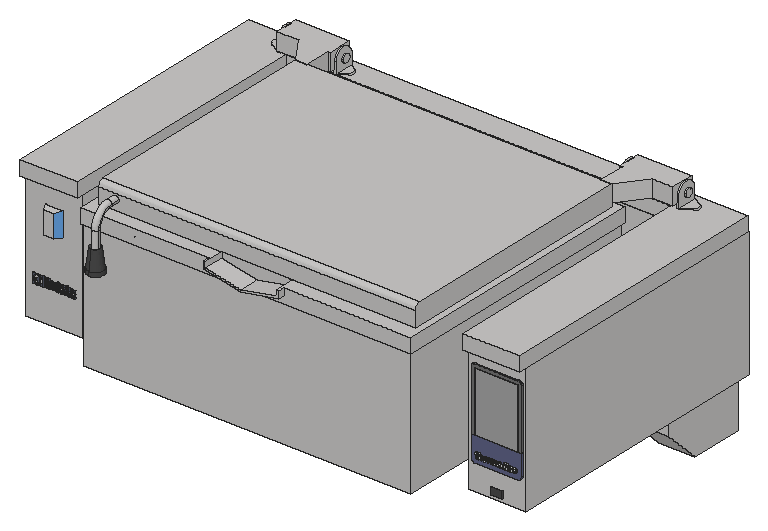
Revit family "QF_ELECTROLUXPROFESSIONAL_586280_PFET08ETEO", category Attrezzature speciali, Revit 2020 (continued)
Definition of nested family "QF_ELECTROLUXPROFESSIONAL_PBOT800H400_LEFT"
  Automatic sketch dimensions
    Extrusion 4 sketch curve to Extrusion 4 sketch curve = 1.476 mm
    Extrusion 4 sketch curve to plane 8 "TOP" = 294.635 mm
    Extrusion 4 sketch curve to Extrusion 4 sketch curve = 1.469 mm
    Extrusion 4 sketch curve to Extrusion 4 sketch curve = 3.728 mm
    Extrusion 4 sketch curve to Extrusion 4 sketch curve = 0.046 mm
    Extrusion 4 sketch curve to Extrusion 4 sketch curve = 0.177 mm
    Extrusion 4 sketch curve to Extrusion 4 sketch curve = 0.947 mm
    Extrusion 4 sketch curve to Extrusion 4 sketch curve = 0.308 mm
    Extrusion 4 sketch curve to Extrusion 4 sketch curve = 0.091 mm
    Extrusion 4 sketch curve to Extrusion 4 sketch curve = 2.375 mm
    Extrusion 4 sketch curve to Extrusion 4 sketch curve = 0.94 mm
    Extrusion 4 sketch curve to Extrusion 4 sketch curve = 0.54 mm
    Extrusion 4 sketch curve to Extrusion 4 sketch curve = 0.102 mm
    Extrusion 4 sketch curve to Extrusion 4 sketch curve = 0.002 mm  (x4)
    Extrusion 4 sketch curve to Extrusion 4 sketch curve = 0.105 mm
    Extrusion 4 sketch curve to Extrusion 4 sketch curve = 0.097 mm
    Extrusion 4 sketch curve to Extrusion 4 sketch curve = 3.982 mm
    Extrusion 4 sketch curve to Extrusion 4 sketch curve = 0.17 mm
    Extrusion 4 sketch curve to Extrusion 4 sketch curve = 6.49 mm
    Extrusion 4 sketch curve to Extrusion 4 sketch curve = 1.777 mm
    Extrusion 4 sketch curve to plane 8 "TOP" = 296.072 mm
    Extrusion 4 sketch curve to Extrusion 4 sketch curve = 0.63 mm
    Extrusion 4 sketch curve to Extrusion 4 sketch curve = 1.001 mm
    Extrusion 4 sketch curve to plane 8 "TOP" = 294.678 mm
    Extrusion 4 sketch curve to Extrusion 4 sketch curve = 1.393 mm
    Extrusion 4 sketch curve to Extrusion 4 sketch curve = 2.363 mm
    Extrusion 4 sketch curve to Extrusion 4 sketch curve = 2.253 mm
    Extrusion 4 sketch curve to Extrusion 4 sketch curve = 0.014 mm  (x4)
    Extrusion 4 sketch curve to Extrusion 4 sketch curve = 0.172 mm
    Extrusion 4 sketch curve to Extrusion 4 sketch curve = 0.096 mm
    Extrusion 4 sketch curve to Extrusion 4 sketch curve = 0.164 mm
    Extrusion 4 sketch curve to Extrusion 4 sketch curve = 0.298 mm
    Extrusion 4 sketch curve to Extrusion 4 sketch curve = 0.247 mm
    Extrusion 4 sketch curve to Extrusion 4 sketch curve = 0.084 mm
    Extrusion 4 sketch curve to Extrusion 4 sketch curve = 6.484 mm
    Extrusion 4 sketch curve to Extrusion 4 sketch curve = 2.596 mm
    Extrusion 4 sketch curve to Extrusion 4 sketch curve = 0.059 mm  (x2)
    Extrusion 4 sketch curve to Extrusion 4 sketch curve = 3.889 mm
    Extrusion 4 sketch curve to plane 8 "TOP" = 307.979 mm
    Extrusion 4 sketch curve to Extrusion 4 sketch curve = 6.029 mm
    Extrusion 4 sketch curve to plane 8 "TOP" = 305.988 mm
    Extrusion 4 sketch curve to Extrusion 4 sketch curve = 0.929 mm
    Extrusion 4 sketch curve to Extrusion 4 sketch curve = 1.102 mm
    Extrusion 4 sketch curve to Extrusion 4 sketch curve = 0.756 mm  (x2)
    Extrusion 4 sketch curve to plane 8 "TOP" = 306.353 mm
    Extrusion 4 sketch curve to Extrusion 4 sketch curve = 0.852 mm
    Extrusion 4 sketch curve to Extrusion 4 sketch curve = 0.108 mm
    Extrusion 4 sketch curve to Extrusion 4 sketch curve = 0.101 mm
    Extrusion 4 sketch curve to Extrusion 4 sketch curve = 0.072 mm
    Extrusion 4 sketch curve to Extrusion 4 sketch curve = 1.67 mm
    Extrusion 4 sketch curve to Extrusion 4 sketch curve = 1.834 mm
    Extrusion 4 sketch curve to Extrusion 4 sketch curve = 0.366 mm
    Extrusion 4 sketch curve to Extrusion 4 sketch curve = 0.993 mm
    Extrusion 4 sketch curve to Extrusion 4 sketch curve = 0.81 mm
    Extrusion 4 sketch curve to Extrusion 4 sketch curve = 1.026 mm  (x2)
    Extrusion 4 sketch curve to Extrusion 4 sketch curve = 4.272 mm
    Extrusion 4 sketch curve to Extrusion 4 sketch curve = 0.163 mm
    Extrusion 4 sketch curve to Extrusion 4 sketch curve = 0.551 mm
    Extrusion 4 sketch curve to Extrusion 4 sketch curve = 6.11 mm
    Extrusion 4 sketch curve to Extrusion 4 sketch curve = 1.451 mm
    Extrusion 4 sketch curve to Extrusion 4 sketch curve = 5.217 mm
    Extrusion 4 sketch curve to Extrusion 4 sketch curve = 0.045 mm  (x2)
    Extrusion 4 sketch curve to Extrusion 4 sketch curve = 0.241 mm
    Extrusion 4 sketch curve to Extrusion 4 sketch curve = 0.039 mm
    Extrusion 4 sketch curve to Extrusion 4 sketch curve = 1.134 mm
    Extrusion 4 sketch curve to Extrusion 4 sketch curve = 2.351 mm
    Extrusion 4 sketch curve to Extrusion 4 sketch curve = 3.993 mm
    Extrusion 4 sketch curve to Extrusion 4 sketch curve = 10.128 mm
    Extrusion 4 sketch curve to Extrusion 4 sketch curve = 0.956 mm
    Extrusion 4 sketch curve to Extrusion 4 sketch curve = 1.263 mm
    Extrusion 4 sketch curve to Extrusion 4 sketch curve = 2.577 mm
    Extrusion 4 sketch curve to Extrusion 4 sketch curve = 0.243 mm
    Extrusion 4 sketch curve to Extrusion 4 sketch curve = 0.031 mm
    Extrusion 4 sketch curve to Extrusion 4 sketch curve = 7.148 mm
    Extrusion 4 sketch curve to Extrusion 4 sketch curve = 1.502 mm
    Extrusion 4 sketch curve to Extrusion 4 sketch curve = 11.54 mm
    Extrusion 4 sketch curve to Extrusion 4 sketch curve = 11.758 mm
    Extrusion 4 sketch curve to Extrusion 4 sketch curve = 4.097 mm
    Extrusion 4 sketch curve to Extrusion 4 sketch curve = 0.011 mm
    Extrusion 4 sketch curve to Extrusion 4 sketch curve = 4.488 mm
    Extrusion 4 sketch curve to Extrusion 4 sketch curve = 11.908 mm
    Extrusion 4 sketch curve to Extrusion 4 sketch curve = 2.236 mm
    Extrusion 4 sketch curve to Extrusion 4 sketch curve = 0.22 mm
    Extrusion 4 sketch curve to Extrusion 4 sketch curve = 0.319 mm
    Extrusion 4 sketch curve to Extrusion 4 sketch curve = 1.192 mm
    Extrusion 4 sketch curve to Extrusion 4 sketch curve = 3.577 mm  (x2)
    Extrusion 4 sketch curve to Extrusion 4 sketch curve = 3.444 mm  (x2)
    Extrusion 4 sketch curve to Extrusion 4 sketch curve = 1.626 mm  (x2)
    Extrusion 4 sketch curve to Extrusion 4 sketch curve = 2.021 mm
    Extrusion 4 sketch curve to Extrusion 4 sketch curve = 2.967 mm
    Extrusion 4 sketch curve to Extrusion 4 sketch curve = 1.22 mm
    Extrusion 4 sketch curve to Extrusion 4 sketch curve = 3.412 mm
    Extrusion 4 sketch curve to Extrusion 4 sketch curve = 0.892 mm  (x3)
    Extrusion 4 sketch curve to Extrusion 4 sketch curve = 0.58 mm  (x2)
    Extrusion 4 sketch curve to Extrusion 4 sketch curve = 2.117 mm
    Extrusion 4 sketch curve to Extrusion 4 sketch curve = 0.295 mm  (x2)
    Extrusion 4 sketch curve to Extrusion 4 sketch curve = 0.618 mm
    Extrusion 4 sketch curve to Extrusion 4 sketch curve = 1.65 mm
    Extrusion 4 sketch curve to Extrusion 4 sketch curve = 1.662 mm
    Extrusion 4 sketch curve to Extrusion 4 sketch curve = 0.013 mm  (x2)
    Extrusion 4 sketch curve to Extrusion 4 sketch curve = 0.292 mm
    Extrusion 4 sketch curve to Extrusion 4 sketch curve = 0.107 mm  (x2)
    Extrusion 4 sketch curve to Extrusion 4 sketch curve = 0.068 mm  (x2)
    Extrusion 4 sketch curve to Extrusion 4 sketch curve = 2.361 mm
    Extrusion 4 sketch curve to Extrusion 4 sketch curve = 2.359 mm
    Extrusion 4 sketch curve to Extrusion 4 sketch curve = 0.531 mm  (x2)
    Extrusion 4 sketch curve to Extrusion 4 sketch curve = 0.928 mm  (x2)
    Extrusion 4 sketch curve to Extrusion 4 sketch curve = 1.058 mm
    Extrusion 4 sketch curve to Extrusion 4 sketch curve = 0.297 mm  (x2)
    Extrusion 4 sketch curve to Extrusion 4 sketch curve = 0.155 mm  (x2)
    Extrusion 4 sketch curve to Extrusion 4 sketch curve = 0.182 mm  (x2)
    Extrusion 4 sketch curve to Extrusion 4 sketch curve = 0.607 mm  (x2)
    Extrusion 4 sketch curve to Extrusion 4 sketch curve = 0.372 mm  (x2)
    Extrusion 4 sketch curve to Extrusion 4 sketch curve = 0.016 mm  (x2)
    Extrusion 4 sketch curve to Extrusion 4 sketch curve = 0.996 mm
    Extrusion 4 sketch curve to Extrusion 4 sketch curve = 0.93 mm
    Extrusion 4 sketch curve to Extrusion 4 sketch curve = 0.709 mm  (x2)
    Extrusion 4 sketch curve to Extrusion 4 sketch curve = 1.017 mm
    Extrusion 4 sketch curve to Extrusion 4 sketch curve = 4.718 mm
    Extrusion 4 sketch curve to Extrusion 4 sketch curve = 0.891 mm
    Extrusion 4 sketch curve to Extrusion 4 sketch curve = 3.826 mm
    Extrusion 4 sketch curve to Extrusion 4 sketch curve = 0.954 mm
    Extrusion 4 sketch curve to Extrusion 4 sketch curve = 5.576 mm
    Extrusion 4 sketch curve to Extrusion 4 sketch curve = 5.661 mm  (x2)
    Extrusion 4 sketch curve to Extrusion 4 sketch curve = 0.006 mm
    Extrusion 4 sketch curve to Extrusion 4 sketch curve = 2.203 mm
    Extrusion 4 sketch curve to Extrusion 4 sketch curve = 2.21 mm
    Extrusion 4 sketch curve to Extrusion 4 sketch curve = 1.607 mm
    Extrusion 4 sketch curve to Extrusion 4 sketch curve = 3.92 mm
    Extrusion 4 sketch curve to Extrusion 4 sketch curve = 0.05 mm
    Extrusion 4 sketch curve to Extrusion 4 sketch curve = 1.776 mm
    Extrusion 4 sketch curve to Extrusion 4 sketch curve = 4.017 mm
    Extrusion 4 sketch curve to Extrusion 4 sketch curve = 0.196 mm  (x2)
    Extrusion 4 sketch curve to Extrusion 4 sketch curve = 0.19 mm
    Extrusion 4 sketch curve to Extrusion 4 sketch curve = 1.312 mm
    Extrusion 4 sketch curve to Extrusion 4 sketch curve = 0.146 mm
    Extrusion 4 sketch curve to Extrusion 4 sketch curve = 2.831 mm
    Extrusion 4 sketch curve to Extrusion 4 sketch curve = 0.387 mm
    Extrusion 4 sketch curve to Extrusion 4 sketch curve = 0.174 mm
    Extrusion 4 sketch curve to Extrusion 4 sketch curve = 4.623 mm
    Extrusion 4 sketch curve to Extrusion 4 sketch curve = 1.754 mm
    Extrusion 4 sketch curve to Extrusion 4 sketch curve = 0.188 mm
    Extrusion 4 sketch curve to Extrusion 4 sketch curve = 0.02 mm
    Extrusion 4 sketch curve to Extrusion 4 sketch curve = 0.313 mm
    Extrusion 4 sketch curve to Extrusion 4 sketch curve = 0.12 mm
    Extrusion 4 sketch curve to Extrusion 4 sketch curve = 0.062 mm
    Extrusion 4 sketch curve to Extrusion 4 sketch curve = 0.568 mm
    Extrusion 4 sketch curve to Extrusion 4 sketch curve = 0.095 mm
    Extrusion 4 sketch curve to Extrusion 4 sketch curve = 0.357 mm
    Extrusion 4 sketch curve to Extrusion 4 sketch curve = 0.008 mm
    Extrusion 4 sketch curve to Extrusion 4 sketch curve = 0.36 mm
    Extrusion 4 sketch curve to Extrusion 4 sketch curve = 3.784 mm
    Extrusion 4 sketch curve to Extrusion 4 sketch curve = 1.654 mm
    Extrusion 4 sketch curve to Extrusion 4 sketch curve = 1.454 mm
    Extrusion 4 sketch curve to Extrusion 4 sketch curve = 3.429 mm
    Extrusion 4 sketch curve to Extrusion 4 sketch curve = 1.094 mm
    Extrusion 4 sketch curve to Extrusion 4 sketch curve = 2.218 mm
    Extrusion 4 sketch curve to Extrusion 4 sketch curve = 1.404 mm
    Extrusion 4 sketch curve to Extrusion 4 sketch curve = 5.959 mm
    Extrusion 4 sketch curve to Extrusion 4 sketch curve = 1.424 mm
    Extrusion 4 sketch curve to Extrusion 4 sketch curve = 3.23 mm
    Extrusion 4 sketch curve to Extrusion 4 sketch curve = 1.975 mm
    Extrusion 4 sketch curve to Extrusion 4 sketch curve = 3.779 mm
    Extrusion 4 sketch curve to Extrusion 4 sketch curve = 2.212 mm
    Extrusion 4 sketch curve to Extrusion 4 sketch curve = 3.78 mm
    Extrusion 4 sketch curve to Extrusion 4 sketch curve = 1.279 mm
    Extrusion 4 sketch curve to Extrusion 4 sketch curve = 1.343 mm  (x2)
    Extrusion 4 sketch curve to Extrusion 4 sketch curve = 1.353 mm  (x2)
    Extrusion 4 sketch curve to Extrusion 4 sketch curve = 0.027 mm  (x2)
    Extrusion 4 sketch curve to Extrusion 4 sketch curve = 0.395 mm  (x2)
    Extrusion 4 sketch curve to Extrusion 4 sketch curve = 0.329 mm  (x2)
    Extrusion 4 sketch curve to Extrusion 4 sketch curve = 0.425 mm  (x2)
    Extrusion 4 sketch curve to Extrusion 4 sketch curve = 0.051 mm  (x2)
    Extrusion 4 sketch curve to Extrusion 4 sketch curve = 0.495 mm  (x2)
    Extrusion 4 sketch curve to Extrusion 4 sketch curve = 0.267 mm  (x2)
    Extrusion 4 sketch curve to Extrusion 4 sketch curve = 1.4 mm
    Extrusion 4 sketch curve to Extrusion 4 sketch curve = 5.233 mm
    Extrusion 4 sketch curve to Extrusion 4 sketch curve = 2.062 mm
    Extrusion 2 sketch curve to plane 13 = 105.0 mm
    plane 16 to Extrusion 6 sketch curve = 0.0 mm  (x2)
    Extrusion 6 sketch curve to plane 18 = 0.0 mm
    Extrusion 6 sketch curve to plane 17 = 0.0 mm
    Extrusion 5 sketch curve to plane 13 = 60.0 mm
    Extrusion 5 sketch curve to plane 15 = 90.0 mm
    radius of Extrusion 2 sketch curve = 6.35 mm  (x2)
    radius of Extrusion 4 sketch curve = 2.453 mm
    radius of Extrusion 4 sketch curve = 1.557 mm
    radius of Extrusion 4 sketch curve = 1.468 mm
    radius of Extrusion 4 sketch curve = 2.451 mm
    radius of Extrusion 6 sketch curve = 5.0 mm  (x2)
Definition of nested family "QF_ELECTROLUXPROFESSIONAL_PBOT800H400_RIGHT"
  Parameters
    Width = 160.0 mm
    Right = Width / 2  # 80.0 mm
    Default Elevation = 0.0 mm
    Left = -Width / 2  # -80.0 mm
    Htop = 40.0 mm
    Height = 900.0 mm
    HBase = 200.0 mm
    EI_z = 450.0 mm
    EI_y = 239.0 mm
    Depth = 800.0 mm
    BorderFront = 20.0 mm
    Body Finish [instance] = none
  Reference planes
    plane 1 "Center (Front/Back)": y = 0
    plane 2: z = 0
    plane 3 "Center (Left/Right)": x = 0
    plane 4 "LEFT": x = -80
    plane 5 "RIGHT": x = 80
    plane 6 "BACK": y = 400
    plane 7 "FRONT": y = -400
    plane 8 "Base": z = 350
    plane 9 "TOP": z = 900
    plane 10 "BorderFront": y = -380
    plane 11: z = 860
    plane 12 "EI": z = 450
    plane 13: z = 500
    plane 14: y = 160
    plane 15: z = 800
    plane 16: z = 525
    plane 17: x = -30
  Forms (mm)
    Extrusion 1, solid
      sketch origin (0, 0, 0) x (1, 0, 0) y (0, 1, 0)
        loop
          line (-80, 400) -> (-80, -380) -> (80, -380) -> (80, 400) -> (-80, 400)
      from 860 to 500
    Extrusion 2, solid
      sketch origin (0, -380, 0) x (-1, 0, 0) y (0, 0, 1)
        loop
          line (59.714, 823.989) -> (-61.821, 823.989)
          arc (-61.821, 823.989) -> (-68.892, 821.06) -> (-71.821, 813.989) r 10
          line (-71.821, 813.989) -> (-71.821, 644.744) -> (-61.821, 644.744) -> (-61.821, 813.989) -> (59.714, 813.989) -> (59.714, 644.744) -> (69.714, 644.744) -> (69.714, 813.989)
          arc (69.714, 813.989) -> (66.786, 821.06) -> (59.714, 823.989) r 10
      from 0 to -3
    Extrusion 3, solid
      sketch origin (0, -380, 0) x (-1, 0, 0) y (0, 0, 1)
        loop
          line (69.714, 585) -> (69.714, 644.744) -> (-71.821, 644.744) -> (-71.821, 585)
          arc (-71.821, 585) -> (-68.892, 577.929) -> (-61.821, 575) r 10
          line (-61.821, 575) -> (59.714, 575)
          arc (59.714, 575) -> (66.786, 577.929) -> (69.714, 585) r 10
      from -3 to 0
    Extrusion 4, solid
      sketch origin (234.714, -380, 0) x (-1, 0, 0) y (0, 0, 1)
        loop
          line (294.429, 813.989) -> (172.894, 813.989) -> (172.894, 644.744) -> (294.429, 644.744) -> (294.429, 813.989)
      from 0 to -3
    Extrusion 5, solid
      sketch origin (0, -380, 0) x (-1, 0, 0) y (0, 0, 1)
        loop
          line (15, 530) -> (-15, 530) -> (-15, 510) -> (15, 510) -> (15, 530)
      from -1.6 to 0
    Extrusion 6, solid
      sketch origin (0, 400, 0) x (-1, 0, 0) y (0, 0, 1)
        loop
          circle (0, 450) r 5
      from 0 to 2
    Extrusion 7, solid
      sketch origin (0, 0, 0) x (0, 1, 0) y (0, 0, 1)
        loop
          line (400, 500) -> (160, 500) -> (160, 440) -> (250, 350) -> (400, 350) -> (400, 500)
      from -50 to 50
    Extrusion 8, void
      sketch origin (0, 400, 0) x (-1, 0, 0) y (0, 0, 1)
        loop
          circle (30, 800) r 5
        loop
          circle (30, 525) r 5
      from 0 to -5
  Cuts and joins
    Extrusion 8 cuts Extrusion 1
  Lines and regions (mm)
    symbolic lines
      curve 1: line (-80, 400, 0) -> (80, 400, 0)
      curve 2: line (80, 400, 0) -> (80, -380, 0)
  Dimensions and locks
    "Width": plane 4 "LEFT" to plane 5 "RIGHT"
    equal spacing: plane 4 "LEFT", plane 3 "Center (Left/Right)", plane 5 "RIGHT"
    equal spacing: plane 6 "BACK", plane 1 "Center (Front/Back)", plane 7 "FRONT"
    "Depth": plane 6 "BACK" to plane 7 "FRONT"
    "BorderFront": plane 10 "BorderFront" to plane 7 "FRONT"
    "Htop": plane 9 "TOP" to plane 11
    "Height": plane 9 "TOP" to level
    locked: plane 11 to plane 13 at 360
    plane 13 to plane 8 "Base" = 150.0 mm
    plane 6 "BACK" to plane 14 = 240.0 mm
    "EI_z": plane 12 "EI" to level
    plane 11 to level = 860.0 mm
    plane 16 to plane 15 to plane 11 = 275.0 mm, 60.0 mm
    plane 5 "RIGHT" to plane 17 = 110.0 mm
    aligned and locked: level to plane 2
    aligned and locked: plane 10 "BorderFront" to Extrusion 1 sketch curve
    aligned and locked: plane 11 to Extrusion 1
    aligned and locked: plane 4 "LEFT" to Extrusion 1 sketch curve
    aligned and locked: Extrusion 1 sketch curve to plane 5 "RIGHT"
    aligned and locked: Extrusion 1 sketch curve to plane 6 "BACK"
    aligned and locked: Extrusion 1 to plane 13
    aligned and locked: plane 6 "BACK" to Extrusion 7 sketch curve
    aligned and locked: plane 13 to Extrusion 7 sketch curve
    aligned and locked: Extrusion 7 sketch curve to plane 8 "Base"
    aligned and locked: plane 14 to Extrusion 7 sketch curve
  Automatic sketch dimensions
    Extrusion 2 sketch curve to plane 5 "RIGHT" = 8.179 mm
    Extrusion 2 sketch curve to Extrusion 2 sketch curve = 10.0 mm  (x2)
    Extrusion 2 sketch curve to Extrusion 2 sketch curve = 0.0 mm  (x4)
    plane 4 "LEFT" to Extrusion 2 sketch curve = 20.286 mm
    Extrusion 2 sketch curve to plane 11 = 215.256 mm
    Extrusion 2 sketch curve to plane 11 = 46.011 mm
    Extrusion 3 sketch curve to plane 5 "RIGHT" = 8.179 mm
    plane 4 "LEFT" to Extrusion 3 sketch curve = 20.286 mm
    plane 4 "LEFT" to Extrusion 3 sketch curve = 10.286 mm
    Extrusion 3 sketch curve to plane 11 = 285.0 mm
    Extrusion 3 sketch curve to Extrusion 3 sketch curve = 59.744 mm
    Extrusion 3 sketch curve to Extrusion 3 sketch curve = 10.0 mm
    plane 4 "LEFT" to Extrusion 4 sketch curve = 20.286 mm
    Extrusion 4 sketch curve to plane 11 = 46.011 mm
    Extrusion 4 sketch curve to plane 5 "RIGHT" = 18.179 mm
    Extrusion 4 sketch curve to Extrusion 4 sketch curve = 169.244 mm
    Extrusion 6 sketch curve to plane 3 "Center (Left/Right)" = 0.0 mm
    Extrusion 6 sketch curve to plane 12 "EI" = 0.0 mm
    curve 1 to plane 4 "LEFT" = 0.0 mm
    curve 1 to plane 5 "RIGHT" = 0.0 mm
    curve 2 to plane 10 "BorderFront" = 0.0 mm
    curve 1 to plane 6 "BACK" = 0.0 mm
    plane 3 "Center (Left/Right)" to Extrusion 5 sketch curve = 15.0 mm
    Extrusion 5 sketch curve to plane 3 "Center (Left/Right)" = 15.0 mm
    plane 12 "EI" to Extrusion 5 sketch curve = 60.0 mm
    Extrusion 5 sketch curve to Extrusion 5 sketch curve = 20.0 mm
    Extrusion 8 sketch curve to plane 16 = 0.0 mm
    plane 17 to Extrusion 8 sketch curve = 0.0 mm  (x2)
    Extrusion 8 sketch curve to plane 15 = 0.0 mm
    Extrusion 7 sketch curve to plane 12 "EI" = 10.0 mm
    Extrusion 7 sketch curve to plane 14 = 90.0 mm
    radius of Extrusion 6 sketch curve = 5.0 mm
    radius of Extrusion 8 sketch curve = 5.0 mm  (x2)
  Nested families
    nested 1: "ELX_ThermaLine" at (-0.906, -383, 593.675) x (1, 0, 0) z (0, -1, 0), type "ELX_ThermaLine"
      with Show Logo yes, Material_Logo none
  Definition of nested family "ELX_ThermaLine"
    Parameters
      Show Logo [instance] = yes
      Material_Logo [instance] = none
      Default Elevation = 0.0 mm
    Reference planes
      plane 1 "Centro (Fronte/Retro)": y = 0
      plane 2: z = 0
      plane 3 "Centro (Sinistra/Destra)": x = 0
    Forms (mm)
      Extrusion 1, solid
        sketch origin (0, 0, 0) x (1, 0, 0) y (0, 1, 0)
          loop
            line (-1219.2, 1219.2) -> (-1219.2, -1219.2) -> (1219.2, -1219.2) -> (1219.2, 1219.2) -> (-1219.2, 1219.2)
        from 0 to -304.8
      Extrusion 2, solid
        sketch origin (0, 0, 0) x (1, 0, 0) y (0, 1, 0)
          loop
            line (-52.84, 4.345) -> (-50.793, 4.345) -> (-50.793, 6.716) -> (-52.84, 6.716) -> (-52.84, 10.788) -> (-55.901, 9.058) -> (-55.901, 6.716) -> (-57.324, 6.716) -> (-57.324, 4.345) -> (-55.901, 4.345) -> (-55.901, -1.637)
            arc (-55.901, -1.637) -> (-54.76, -4.355) -> (-51.88, -4.985) r 3.198
            line (-51.88, -4.985) -> (-50.444, -4.597) -> (-50.782, -2.189) -> (-51.765, -2.453)
            arc (-51.765, -2.453) -> (-52.506, -2.305) -> (-52.84, -1.628) r 0.854
            line (-52.84, -1.628) -> (-52.84, 4.345)
          loop
            line (-48.642, 11.198) -> (-48.642, -4.787) -> (-45.561, -4.787) -> (-45.561, 2.659)
            arc (-45.561, 2.659) -> (-44.379, 4.372) -> (-42.304, 4.523) r 2.408
            arc (-42.304, 4.523) -> (-41.484, 3.75) -> (-41.182, 2.665) r 2.099
            line (-41.182, 2.665) -> (-41.182, -4.787) -> (-38.117, -4.787) -> (-38.088, 2.166)
            arc (-38.088, 2.166) -> (-38.343, 3.963) -> (-39.021, 5.646) r 7.517
            arc (-39.021, 5.646) -> (-42.369, 6.971) -> (-45.561, 5.303) r 4.327
            line (-45.561, 5.303) -> (-45.561, 11.198) -> (-48.642, 11.198)
          loop
            arc (-28.196, 1.988) -> (-28.834, 3.893) -> (-30.683, 4.679) r 2.449
            arc (-30.683, 4.679) -> (-32.149, 3.674) -> (-32.711, 1.988) r 2.793
            line (-32.711, 1.988) -> (-28.196, 1.988)
          loop
            arc (-25.128, 0.121) -> (-26.074, 4.342) -> (-29.545, 6.923) r 6.212
            arc (-29.545, 6.923) -> (-33.021, 6.358) -> (-35.352, 3.718) r 5.232
            arc (-35.352, 3.718) -> (-35.918, 1.148) -> (-35.633, -1.468) r 8.117
            arc (-35.633, -1.468) -> (-34.524, -3.319) -> (-32.789, -4.603) r 5.523
            arc (-32.789, -4.603) -> (-28.402, -4.744) -> (-25.297, -1.641) r 5.523
            line (-25.297, -1.641) -> (-28.327, -1.106)
            arc (-28.327, -1.106) -> (-29.324, -2.396) -> (-30.951, -2.501) r 1.982
            arc (-30.951, -2.501) -> (-32.276, -1.475) -> (-32.789, 0.121) r 2.835
            line (-32.789, 0.121) -> (-25.128, 0.121)
          loop
            line (-22.733, -4.787) -> (-19.705, -4.787) -> (-19.705, 0)
            arc (-19.705, 0) -> (-19.663, 1.267) -> (-19.469, 2.521) r 10.557
            arc (-19.469, 2.521) -> (-18.189, 4.014) -> (-16.237, 3.761) r 2.069
            line (-16.237, 3.761) -> (-15.318, 6.433)
            arc (-15.318, 6.433) -> (-17.915, 6.783) -> (-19.931, 5.11) r 3.262
            line (-19.931, 5.11) -> (-19.931, 6.752) -> (-22.733, 6.752) -> (-22.733, -4.787)
          loop
            line (-14.233, 6.752) -> (-14.233, -4.787) -> (-11.135, -4.787) -> (-11.135, 1.783)
            arc (-11.135, 1.783) -> (-10.552, 3.635) -> (-8.862, 4.59) r 2.646
            arc (-8.862, 4.59) -> (-7.677, 3.931) -> (-7.234, 2.65) r 1.899
            line (-7.234, 2.65) -> (-7.234, -4.787) -> (-4.155, -4.787) -> (-4.155, 1.467)
            arc (-4.155, 1.467) -> (-3.845, 2.923) -> (-2.97, 4.128) r 3.581
            arc (-2.97, 4.128) -> (-1.581, 4.474) -> (-0.516, 3.516) r 1.525
            arc (-0.516, 3.516) -> (-0.324, 2.735) -> (-0.304, 1.931) r 3.735
            line (-0.304, 1.931) -> (-0.304, -4.787) -> (2.776, -4.787) -> (2.776, 3.096)
            arc (2.776, 3.096) -> (1.833, 5.68) -> (-0.612, 6.942) r 3.784
            arc (-0.612, 6.942) -> (-2.795, 6.596) -> (-4.513, 5.205) r 4.271
            arc (-4.513, 5.205) -> (-5.893, 6.457) -> (-7.686, 6.964) r 4.079
            arc (-7.686, 6.964) -> (-9.75, 6.555) -> (-11.39, 5.237) r 4.412
            line (-11.39, 5.237) -> (-11.39, 6.752) -> (-14.233, 6.752)
          loop
            line (5.334, 3.712) -> (8.069, 3.23)
            arc (8.069, 3.23) -> (10.312, 4.685) -> (12.137, 2.73) r 2.082
            line (12.137, 2.73) -> (8.171, 1.741)
            arc (8.171, 1.741) -> (6.593, 1.022) -> (5.378, -0.215) r 4.758
            arc (5.378, -0.215) -> (5.225, -1.991) -> (5.744, -3.697) r 4.711
            arc (5.744, -3.697) -> (7.301, -4.682) -> (9.118, -4.992) r 4.691
            arc (9.118, -4.992) -> (10.903, -4.593) -> (12.411, -3.558) r 4.818
            line (12.411, -3.558) -> (12.81, -4.787) -> (15.873, -4.787) -> (15.179, -2.652) -> (15.179, 3.25)
            arc (15.179, 3.25) -> (14.773, 5.146) -> (13.38, 6.496) r 3.336
            arc (13.38, 6.496) -> (10.765, 7.201) -> (8.091, 6.773) r 6.459
            arc (8.091, 6.773) -> (6.348, 5.57) -> (5.334, 3.712) r 4.569
          loop
            line (21.001, -4.787) -> (24.24, -4.787) -> (27.623, 11.127) -> (24.384, 11.127) -> (21.001, -4.787)
          loop
            line (27.273, -4.787) -> (30.332, -4.787) -> (32.777, 6.716) -> (29.718, 6.716) -> (27.273, -4.787)
          loop
            line (30.656, 11.127) -> (30.058, 8.314) -> (33.117, 8.314) -> (33.715, 11.127) -> (30.656, 11.127)
          loop
            line (33.431, -4.787) -> (36.649, -4.787) -> (38.261, 2.796)
            arc (38.261, 2.796) -> (39.644, 4.445) -> (41.791, 4.594) r 2.751
            arc (41.791, 4.594) -> (42.425, 3.729) -> (42.502, 2.659) r 1.936
            line (42.502, 2.659) -> (40.919, -4.787) -> (43.989, -4.787) -> (45.795, 3.712)
            arc (45.795, 3.712) -> (45.588, 5.458) -> (44.361, 6.716) r 2.734
            arc (44.361, 6.716) -> (41.222, 6.857) -> (38.516, 5.259) r 5.512
            line (38.516, 5.259) -> (38.826, 6.716) -> (35.876, 6.716) -> (33.431, -4.787)
          loop
            line (50.773, 1.934) -> (55.672, 1.934)
            arc (55.672, 1.934) -> (55.737, 2.919) -> (55.334, 3.821) r 2.051
            arc (55.334, 3.821) -> (53.773, 4.722) -> (52.024, 4.287) r 2.407
            arc (52.024, 4.287) -> (51.223, 3.203) -> (50.773, 1.934) r 4.566
          loop
            line (50.479, 0) -> (58.259, 0)
            arc (58.259, 0) -> (58.241, 3.53) -> (56.181, 6.396) r 5.8
            arc (56.181, 6.396) -> (52.577, 6.992) -> (49.395, 5.199) r 5.498
            arc (49.395, 5.199) -> (47.819, 2.372) -> (47.536, -0.853) r 7.747
            arc (47.536, -0.853) -> (48.406, -3.006) -> (50.236, -4.437) r 4.494
            arc (50.236, -4.437) -> (52.672, -4.934) -> (55.109, -4.437) r 6.224
            arc (55.109, -4.437) -> (56.76, -3.346) -> (57.916, -1.739) r 5.478
            line (57.916, -1.739) -> (55.129, -1.247)
            arc (55.129, -1.247) -> (53.897, -2.495) -> (52.149, -2.637) r 2.52
            arc (52.149, -2.637) -> (50.809, -1.638) -> (50.479, 0) r 2.336
          loop
            line (12.154, 0.755) -> (8.732, -0.098)
            arc (8.732, -0.098) -> (8.126, -1.288) -> (8.732, -2.478) r 1.471
            arc (8.732, -2.478) -> (10.437, -2.725) -> (11.827, -1.706) r 2.276
            arc (11.827, -1.706) -> (12.142, -0.496) -> (12.154, 0.755) r 5.123
        from 0 to 1.6
    Dimensions and locks
      aligned and locked: plane 2 to Extrusion 1
      aligned and locked: level to Extrusion 1
Definition of nested family "QF_ELECTROLUXPROFESSIONAL_PFET900_LEVEL2"
  Parameters
    Default Elevation = 0.0 mm
    Assembly Code = ""
  Reference planes
    plane 1 "Center (Front/Back)": y = 0
    plane 2: z = 0
    plane 3 "Center (Left/Right)": x = 0
  Forms (mm)
    Sweep 1, solid
      path origin (0, 45, 0) x (0, 1, 0) y (0, 0, 1)
        loop
          line (-45, 0) -> (-70, 0)
          arc (-70, 0) -> (-101.82, -13.18) -> (-115, -45) r 45
          line (-115, -45) -> (-115, -90)
      profile origin (0, -12.5, 0) x (0, 0, -1) y (1, 0, 0)
        loop
          circle (0, 0) r 9
    Revolve 2, solid
      sketch origin (0, 45, 0) x (0, 1, 0) y (0, 0, 1)
        loop
          line (-115, -90) -> (-115, -152.379) -> (-92.246, -152.379) -> (-92.246, -142.379) -> (-94.495, -142.379) -> (-100, -90) -> (-115, -90)
        axis (-115, -90) -> (-115, -152.379)
      angle from 0 to 360
  Lines and regions (mm)
    symbolic lines
      curve 1: line (9, 0, 0) -> (9, -94.102, 0)
      curve 2: line (-9, 0, 0) -> (-9, -94.102, 0)
      curve 3: circle (0, -115, 0) r 22.754 normal (0, 0, 1)
  Dimensions and locks
    aligned and locked: level to plane 2
